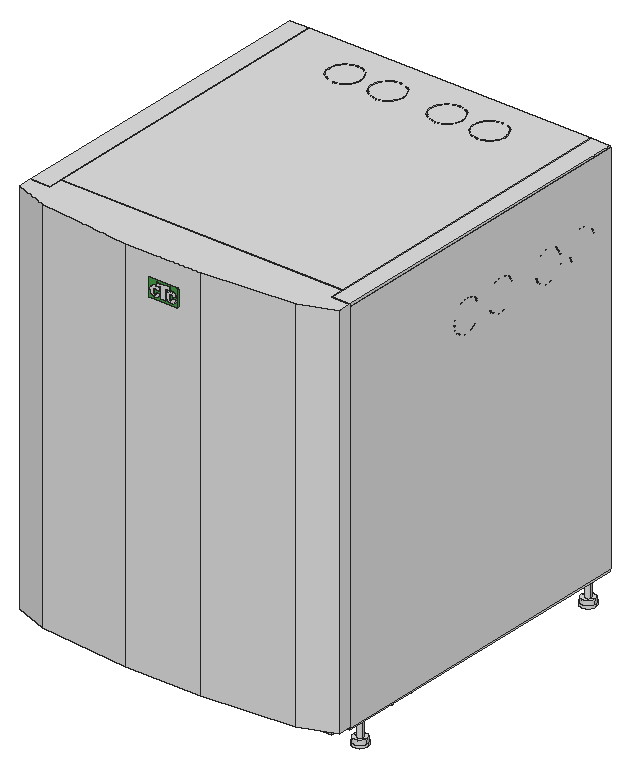
Revit family "HVAC_HeatPumpBW_Enertech_CTC-EcoPart-600M", category Specialty Equipment, Revit 2020
Family settings
  Round Connector Dimension = Use Diameter
  Part Type = Normal
  OmniClass Number = 23.75.00.00
  OmniClass Title = Climate Control (HVAC)
  Work Plane-Based = No
  Always vertical = No
  Cut with Voids When Loaded = No
  Shared = No
  Room Calculation Point = No
Parameters (values of type "CTC EcoPart 612M - 400V3N ")
  Weight = "170"
  WaterVolumeWaterSuply = "N/A"
  WaterVolumeHeathingSystem = "4.1 "
  WarrantyStartDate [instance] = "n/a"
  WarrantyGuarantorParts = "n/a"
  WarrantyGuarantorLabor = "n/a"
  WarrantyDurationUnit = "Year"
  WarrantyDurationParts = "n/a"
  WarrantyDurationLabor = "n/a"
  WarrantyDescription = "n/a"
  VersionDate = "14/05/2024"  # constant formula
  Version = "2"  # constant formula
  UsageCurrent = 0 A
  Uniclass2015Reference = "Pr_40_70_65"
  Uniclass2015Description = "Preparation catering equipment"
  Uniclass2 = "Pr_40_70_65"
  URL = "https://ctc-heating.com/products/ground-source-heating"
  UNSPSCCode = "40101806"
  Type Comments = ""
  Touchscreen = "no"
  TagNumber [instance] = "n/a"
  SustainabilityPerformance = "n/a"
  Status = "n/a"
  SpecifiedOutput_min: W35 & B 5 = 2650 W
  SpecifiedOutput_min: W35 & B 10 = 2920 W
  SpecifiedOutput_min: W35 & B 0 = 2270 W
  SpecifiedOutput_max: W35 & B 5 = 13110 W
  SpecifiedOutput_max: W35 & B 10 = 13490 W
  SpecifiedOutput_max: W35 & B 0 = 12140 W
  SoundPowerLWA = "39"
  Sound pressureLPA 5m = "N/A"
  Sound pressureLPA 1m = "34"
  Sound pressureLPA 10m = "N/A"
  Size = "673x596x775 "
  Shape = "Rectangular"
  SerialNumber [instance] = "7310 xxxx xxxx"
  SCOPWarm W55 = " 4.1"
  SCOPWarm W35 = "5.2 "
  SCOPModerate W55 = "4.1"
  SCOPModerate W35 = "5.4 "
  SCOPCold W55 = "4.3"
  SCOPCold W35 = "5.5 "
  Revision = "2"  # constant formula
  ReplacementCost = "n/a"
  RefrigerantType = "R407C "
  RefrigerantQuantity = "2.4 "
  Reference = "n/a"
  RatedVoltage = 1200 V
  RatedHeatOutputWarm Pdesigh W55 = 10000 W
  RatedHeatOutputWarm Pdesigh W35 = 8000 W
  RatedHeatOutputModerate Pdesigh W55 = 7000 W
  RatedHeatOutputModerate Pdesigh W35 = 10000 W
  RatedHeatOutputCold Pdesigh W55 = 7000 W
  RatedHeatOutputCold Pdesigh W35 = 11000 W
  RatedCurrent = 9.7 A
  PumpMainMaterial = Steel - White
  ProductInformation = "The CTC EcoPart 600M is speed-controlled, compact geothermal heat pumps without control and hot water preparation. To fit most properties, the CTC EcoPart 600M is available in two models."
  PowerFactor = 0 W
  PhaseReference = "n/a"
  PhaseAngle = 0.00°
  OutputRangeIimmersionHeater = "N/A"
  NumberOfPoles = 3
  NominalWidth = 596 mm
  NominalVoltage = 400 V
  NominalHeight = 775 mm
  NominalFrequencyRange = 50 Hz
  NominalDepth = 673 mm
  NominalCurrent = 0 A
  Name = "CTC-EcoPart-600M"  # constant formula
  NBSReference = "90-40-40/320"
  NBSDescription = "Air to water heat pumps"
  ModelReference = "n/a"
  ModelNumber = "588600001"
  MinimumCeilingHeight = "N/A"
  MaxStartingCurrent = "2.3 "
  MaxOperatingPressureThermalStore = "6"
  MaxOperatingPressureHotWater = "N/A"
  Material = "Steel"
  ManufacturerURL = "https://ctc.se/"
  ManufacturerName = "CTC AB"
  Model = "CTC EcoPart 612M"
  ManufacturerCountry = "Sweden"
  Manufacturer = "CTC AB"
  KvsValueProduct = "4.7"
  InsulationStandardClass = "n/a"
  InstallationDate [instance] = "n/a"
  InPutPower_min: W35 & B 5 = 340 W
  InPutPower_min: W35 & B 10 = 310 W
  InPutPower_min: W35 & B 0 = 330 W
  InPutPower_max: W35 & B 5 = 2340 W
  InPutPower_max: W35 & B 10 = 2340 W
  InPutPower_max: W35 & B 0 = 2420 W
  IfcExportType = "HEATER"  # constant formula
  IfcExportAs = "IfcElectricalDeviceCommon"  # constant formula
  IP_Code = "IP X1"
  HotTapWaterPerformance = "N/A"
  HasProtectiveEarth = yes
  GroupFuse = "10"
  Grade = "n/a"
  Finish = "n/a"
  Features = "n/a"
  ExpectedLife = "n/a"
  EnergyClass_HotWater_TapProfile = "N/A"
  EnergyClassHeatingWithoutControl W55 = " A+++"
  EnergyClassHeatingWithoutControl W35 = "A+++ "
  EnergyClassHeatingWithControl W55 = " A+++"
  EnergyClassHeatingWithControl W35 = "A+++ "
  ElectricalDeviceNominalPower = 0 W
  EANNumber = "7333077091736"
  DurationUnit = "Year"
  Description = "The CTC EcoPart 600M is speed-controlled, compact geothermal heat pumps without control and hot water preparation. To fit most properties, the CTC EcoPart 600M is available in two models."
  Default Elevation = 0 mm
  Cost = 0
  Constituents = "n/a"
  ConductorFunction = "n/a"
  Color = "white"
  CodePerformance = "n/a"
  Capacity = "Variable"
  COP_min: W35 & B 5 = 7.76 W
  COP_min: W35 & B 10 = 9.39 W
  COP_min: W35 & B 0 = 6.94 W
  COP_max: W35 & B 5 = 5.61 W
  COP_max: W35 & B 10 = 5.78 W
  COP_max: W35 & B 0 = 5.01 W
  CO2Equivalent = "4.258  "
  BrineSystem_Min_MaxPressure = "0.2 - 3.0 "
  Barcode [instance] = "n/a"
  AssetIdentifier [instance] = "n/a"
  Category = "Heat pumps, Geothermal"
  Brand = "CTC"
  BIMObjectName = "HVAC_HeatPumpBW_Enertech_CTC-EcoPart-600M"  # constant formula
  Author = "BIMStone"  # constant formula
  AssetType = "Fixed"
  AirFlow nominal (m3/h) = "0"
  AirFlow max (m3/h) = "0"
  AccessibilityPerformance = "n/a"
Reference planes
  plane 1 "Center (Front/Back)": y = 0
  plane 2: z = 0
  plane 3 "Center (Left/Right)": x = 0
  plane 4: z = 760
  plane 5: y = 336.5
  plane 6: y = -336.5
  plane 7: x = -300
  plane 8: x = 300
Forms (mm)
  Extrusion 1, solid, material "Steel - White" <- "PumpMainMaterial", detail levels medium+fine
    sketch origin (0, 0, 0) x (1, 0, 0) y (0, 1, 0)
      loop
        line (-298, -272.514) -> (-298, -297.436) -> (-235.78, -322.165) -> (-70, -335) -> (70, -335) -> (235.78, -322.165) -> (298, -297.436) -> (298, -272.514) -> (263, -272.514) -> (263, -246.514) -> (-263, -246.514) -> (-263, -272.514) -> (-298, -272.514)
    from 760 to 52.5
  Extrusion 2, solid, material "Steel - White" <- "PumpMainMaterial", detail levels medium+fine
    sketch origin (0, 0, 0) x (1, 0, 0) y (0, 1, 0)
      loop
        line (-263, -246.514) -> (263, -246.514) -> (263, 332.5) -> (-263, 332.5) -> (-263, -246.514)
      loop
        line (261, 330.5) -> (-261, 330.5) -> (-261, -244.514) -> (261, -244.514) -> (261, 330.5)
    from 757 to 52.5
  Extrusion 3, solid, material "Steel - White" <- "PumpMainMaterial", detail levels medium+fine
    sketch origin (0, 0, 0) x (1, 0, 0) y (0, 1, 0)
      loop
        line (-263, 332.5) -> (-263, -246.514) -> (263, -246.514) -> (263, 332.5) -> (-263, 332.5)
    from 760 to 757
  Extrusion 4, solid, material "Steel - White" <- "PumpMainMaterial", detail levels medium+fine
    sketch origin (0, 0, 0) x (1, 0, 0) y (0, 1, 0)
      loop
        line (-300, -272.514) -> (-265, -272.514) -> (-265, 332.5) -> (-300, 332.5) -> (-300, -272.514)
      loop
        line (-267, 330.5) -> (-298, 330.5) -> (-298, -270.514) -> (-267, -270.514) -> (-267, 330.5)
      loop
        line (300, -272.514) -> (300, 332.5) -> (265, 332.5) -> (265, -272.514) -> (300, -272.514)
      loop
        line (267, 330.5) -> (267, -270.514) -> (298, -270.514) -> (298, 330.5) -> (267, 330.5)
    from 52.5 to 757
  Extrusion 5, solid, material "Steel - White" <- "PumpMainMaterial", detail levels medium+fine
    sketch origin (0, 0, 0) x (1, 0, 0) y (0, 1, 0)
      loop
        line (-298, -272.514) -> (-263, -272.514) -> (-263, 332.5) -> (-298, 332.5) -> (-298, -272.514)
      loop
        line (298, -272.514) -> (298, 332.5) -> (263, 332.5) -> (263, -272.514) -> (298, -272.514)
    from 757 to 760
  Extrusion 6, solid, material "Steel - White" <- "PumpMainMaterial", detail levels medium+fine
    sketch origin (0, 0, 0) x (1, 0, 0) y (0, 0, 1)
      loop
        line (-298, 52.518) -> (-298, 47.518) -> (-263, 47.518) -> (-263, 28) -> (263, 28) -> (263, 47.518) -> (298, 47.518) -> (298, 52.518) -> (-298, 52.518)
    from -332.5 to 272.514
  Extrusion 7, void
    sketch origin (0, 0, 0) x (1, 0, 0) y (0, 1, 0)
      loop
        arc (-135.992, 287.517) -> (-156.547, 278.605) -> (-165.459, 258.05) r 30.484
        line (-165.459, 258.05) -> (-163.458, 258.05)
        arc (-163.458, 258.05) -> (-155.133, 277.191) -> (-135.992, 285.516) r 28.484
        line (-135.992, 285.516) -> (-135.992, 287.517)
      loop
        line (-133.992, 287.517) -> (-133.992, 285.516)
        arc (-133.992, 285.516) -> (-114.851, 277.191) -> (-106.526, 258.05) r 28.484
        line (-106.526, 258.05) -> (-104.525, 258.05)
        arc (-104.525, 258.05) -> (-113.437, 278.605) -> (-133.992, 287.517) r 30.484
      loop
        arc (-165.459, 256.05) -> (-156.547, 235.495) -> (-135.992, 226.583) r 30.484
        line (-135.992, 226.583) -> (-135.992, 228.584)
        arc (-135.992, 228.584) -> (-155.133, 236.909) -> (-163.458, 256.05) r 28.484
        line (-163.458, 256.05) -> (-165.459, 256.05)
      loop
        line (-133.992, 228.584) -> (-133.992, 226.583)
        arc (-133.992, 226.583) -> (-113.437, 235.495) -> (-104.525, 256.05) r 30.484
        line (-104.525, 256.05) -> (-106.526, 256.05)
        arc (-106.526, 256.05) -> (-114.851, 236.909) -> (-133.992, 228.584) r 28.484
      loop
        arc (-55.992, 287.517) -> (-76.547, 278.605) -> (-85.459, 258.05) r 30.484
        line (-85.459, 258.05) -> (-83.458, 258.05)
        arc (-83.458, 258.05) -> (-75.133, 277.191) -> (-55.992, 285.516) r 28.484
        line (-55.992, 285.516) -> (-55.992, 287.517)
      loop
        line (-53.992, 287.517) -> (-53.992, 285.516)
        arc (-53.992, 285.516) -> (-34.851, 277.191) -> (-26.526, 258.05) r 28.484
        line (-26.526, 258.05) -> (-24.525, 258.05)
        arc (-24.525, 258.05) -> (-33.437, 278.605) -> (-53.992, 287.517) r 30.484
      loop
        arc (-85.459, 256.05) -> (-76.547, 235.495) -> (-55.992, 226.583) r 30.484
        line (-55.992, 226.583) -> (-55.992, 228.584)
        arc (-55.992, 228.584) -> (-75.133, 236.909) -> (-83.458, 256.05) r 28.484
        line (-83.458, 256.05) -> (-85.459, 256.05)
      loop
        line (-53.992, 228.584) -> (-53.992, 226.583)
        arc (-53.992, 226.583) -> (-33.437, 235.495) -> (-24.525, 256.05) r 30.484
        line (-24.525, 256.05) -> (-26.526, 256.05)
        arc (-26.526, 256.05) -> (-34.851, 236.909) -> (-53.992, 228.584) r 28.484
      loop
        line (135.992, 287.517) -> (135.992, 285.516)
        arc (135.992, 285.516) -> (155.133, 277.191) -> (163.458, 258.05) r 28.484
        line (163.458, 258.05) -> (165.459, 258.05)
        arc (165.459, 258.05) -> (156.547, 278.605) -> (135.992, 287.517) r 30.484
      loop
        arc (133.992, 287.517) -> (113.437, 278.605) -> (104.525, 258.05) r 30.484
        line (104.525, 258.05) -> (106.526, 258.05)
        arc (106.526, 258.05) -> (114.851, 277.191) -> (133.992, 285.516) r 28.484
        line (133.992, 285.516) -> (133.992, 287.517)
      loop
        line (165.459, 256.05) -> (163.458, 256.05)
        arc (163.458, 256.05) -> (155.133, 236.909) -> (135.992, 228.584) r 28.484
        line (135.992, 228.584) -> (135.992, 226.583)
        arc (135.992, 226.583) -> (156.547, 235.495) -> (165.459, 256.05) r 30.484
      loop
        arc (133.992, 228.584) -> (114.851, 236.909) -> (106.526, 256.05) r 28.484
        line (106.526, 256.05) -> (104.525, 256.05)
        arc (104.525, 256.05) -> (113.437, 235.495) -> (133.992, 226.583) r 30.484
        line (133.992, 226.583) -> (133.992, 228.584)
      loop
        line (55.992, 287.517) -> (55.992, 285.516)
        arc (55.992, 285.516) -> (75.133, 277.191) -> (83.458, 258.05) r 28.484
        line (83.458, 258.05) -> (85.459, 258.05)
        arc (85.459, 258.05) -> (76.547, 278.605) -> (55.992, 287.517) r 30.484
      loop
        arc (53.992, 287.517) -> (33.437, 278.605) -> (24.525, 258.05) r 30.484
        line (24.525, 258.05) -> (26.526, 258.05)
        arc (26.526, 258.05) -> (34.851, 277.191) -> (53.992, 285.516) r 28.484
        line (53.992, 285.516) -> (53.992, 287.517)
      loop
        line (85.459, 256.05) -> (83.458, 256.05)
        arc (83.458, 256.05) -> (75.133, 236.909) -> (55.992, 228.584) r 28.484
        line (55.992, 228.584) -> (55.992, 226.583)
        arc (55.992, 226.583) -> (76.547, 235.495) -> (85.459, 256.05) r 30.484
      loop
        arc (53.992, 228.584) -> (34.851, 236.909) -> (26.526, 256.05) r 28.484
        line (26.526, 256.05) -> (24.525, 256.05)
        arc (24.525, 256.05) -> (33.437, 235.495) -> (53.992, 226.583) r 30.484
        line (53.992, 226.583) -> (53.992, 228.584)
    from 750 to 770
  Extrusion 8, void
    sketch origin (0, 0, 0) x (0, 1, 0) y (0, 0, 1)
      loop
        line (266.984, 653.467) -> (266.984, 651.466)
        arc (266.984, 651.466) -> (286.125, 643.141) -> (294.45, 624) r 28.484
        line (294.45, 624) -> (296.451, 624)
        arc (296.451, 624) -> (287.539, 644.555) -> (266.984, 653.467) r 30.484
      loop
        arc (264.984, 653.467) -> (244.428, 644.555) -> (235.516, 624) r 30.484
        line (235.516, 624) -> (237.518, 624)
        arc (237.518, 624) -> (245.843, 643.141) -> (264.984, 651.466) r 28.484
        line (264.984, 651.466) -> (264.984, 653.467)
      loop
        line (296.451, 622) -> (294.45, 622)
        arc (294.45, 622) -> (286.125, 602.859) -> (266.984, 594.534) r 28.484
        line (266.984, 594.534) -> (266.984, 592.533)
        arc (266.984, 592.533) -> (287.539, 601.445) -> (296.451, 622) r 30.484
      loop
        arc (264.984, 594.534) -> (245.843, 602.859) -> (237.518, 622) r 28.484
        line (237.518, 622) -> (235.516, 622)
        arc (235.516, 622) -> (244.428, 601.445) -> (264.984, 592.533) r 30.484
        line (264.984, 592.533) -> (264.984, 594.534)
      loop
        line (186.984, 653.467) -> (186.984, 651.466)
        arc (186.984, 651.466) -> (206.125, 643.141) -> (214.45, 624) r 28.484
        line (214.45, 624) -> (216.451, 624)
        arc (216.451, 624) -> (207.539, 644.555) -> (186.984, 653.467) r 30.484
      loop
        arc (184.984, 653.467) -> (164.428, 644.555) -> (155.516, 624) r 30.484
        line (155.516, 624) -> (157.518, 624)
        arc (157.518, 624) -> (165.843, 643.141) -> (184.984, 651.466) r 28.484
        line (184.984, 651.466) -> (184.984, 653.467)
      loop
        line (216.451, 622) -> (214.45, 622)
        arc (214.45, 622) -> (206.125, 602.859) -> (186.984, 594.534) r 28.484
        line (186.984, 594.534) -> (186.984, 592.533)
        arc (186.984, 592.533) -> (207.539, 601.445) -> (216.451, 622) r 30.484
      loop
        arc (184.984, 594.534) -> (165.843, 602.859) -> (157.518, 622) r 28.484
        line (157.518, 622) -> (155.516, 622)
        arc (155.516, 622) -> (164.428, 601.445) -> (184.984, 592.533) r 30.484
        line (184.984, 592.533) -> (184.984, 594.534)
      loop
        arc (-5, 653.467) -> (-25.555, 644.555) -> (-34.467, 624) r 30.484
        line (-34.467, 624) -> (-32.466, 624)
        arc (-32.466, 624) -> (-24.141, 643.141) -> (-5, 651.466) r 28.484
        line (-5, 651.466) -> (-5, 653.467)
      loop
        line (-3, 653.467) -> (-3, 651.466)
        arc (-3, 651.466) -> (16.141, 643.141) -> (24.466, 624) r 28.484
        line (24.466, 624) -> (26.467, 624)
        arc (26.467, 624) -> (17.555, 644.555) -> (-3, 653.467) r 30.484
      loop
        arc (-34.467, 622) -> (-25.555, 601.445) -> (-5, 592.533) r 30.484
        line (-5, 592.533) -> (-5, 594.534)
        arc (-5, 594.534) -> (-24.141, 602.859) -> (-32.466, 622) r 28.484
        line (-32.466, 622) -> (-34.467, 622)
      loop
        line (-3, 594.534) -> (-3, 592.533)
        arc (-3, 592.533) -> (17.555, 601.445) -> (26.467, 622) r 30.484
        line (26.467, 622) -> (24.466, 622)
        arc (24.466, 622) -> (16.141, 602.859) -> (-3, 594.534) r 28.484
      loop
        arc (75, 653.467) -> (54.445, 644.555) -> (45.533, 624) r 30.484
        line (45.533, 624) -> (47.534, 624)
        arc (47.534, 624) -> (55.859, 643.141) -> (75, 651.466) r 28.484
        line (75, 651.466) -> (75, 653.467)
      loop
        line (77, 653.467) -> (77, 651.466)
        arc (77, 651.466) -> (96.141, 643.141) -> (104.466, 624) r 28.484
        line (104.466, 624) -> (106.467, 624)
        arc (106.467, 624) -> (97.555, 644.555) -> (77, 653.467) r 30.484
      loop
        arc (45.533, 622) -> (54.445, 601.445) -> (75, 592.533) r 30.484
        line (75, 592.533) -> (75, 594.534)
        arc (75, 594.534) -> (55.859, 602.859) -> (47.534, 622) r 28.484
        line (47.534, 622) -> (45.533, 622)
      loop
        line (77, 594.534) -> (77, 592.533)
        arc (77, 592.533) -> (97.555, 601.445) -> (106.467, 622) r 30.484
        line (106.467, 622) -> (104.466, 622)
        arc (104.466, 622) -> (96.141, 602.859) -> (77, 594.534) r 28.484
    from 424.394 to -413.715
  Extrusion 9, void
    sketch origin (0, 0, 0) x (1, 0, 0) y (0, 0, 1)
      loop
        line (135.984, 653.167) -> (135.984, 651.166)
        arc (135.984, 651.166) -> (155.125, 642.841) -> (163.45, 623.7) r 28.484
        line (163.45, 623.7) -> (165.451, 623.7)
        arc (165.451, 623.7) -> (156.539, 644.255) -> (135.984, 653.167) r 30.484
      loop
        arc (133.984, 653.167) -> (113.428, 644.255) -> (104.516, 623.7) r 30.484
        line (104.516, 623.7) -> (106.518, 623.7)
        arc (106.518, 623.7) -> (114.843, 642.841) -> (133.984, 651.166) r 28.484
        line (133.984, 651.166) -> (133.984, 653.167)
      loop
        line (165.451, 621.7) -> (163.45, 621.7)
        arc (163.45, 621.7) -> (155.125, 602.559) -> (135.984, 594.234) r 28.484
        line (135.984, 594.234) -> (135.984, 592.233)
        arc (135.984, 592.233) -> (156.539, 601.145) -> (165.451, 621.7) r 30.484
      loop
        arc (133.984, 594.234) -> (114.843, 602.559) -> (106.518, 621.7) r 28.484
        line (106.518, 621.7) -> (104.516, 621.7)
        arc (104.516, 621.7) -> (113.428, 601.145) -> (133.984, 592.233) r 30.484
        line (133.984, 592.233) -> (133.984, 594.234)
      loop
        line (55.984, 653.167) -> (55.984, 651.166)
        arc (55.984, 651.166) -> (75.125, 642.841) -> (83.45, 623.7) r 28.484
        line (83.45, 623.7) -> (85.451, 623.7)
        arc (85.451, 623.7) -> (76.539, 644.255) -> (55.984, 653.167) r 30.484
      loop
        arc (53.984, 653.167) -> (33.428, 644.255) -> (24.516, 623.7) r 30.484
        line (24.516, 623.7) -> (26.518, 623.7)
        arc (26.518, 623.7) -> (34.843, 642.841) -> (53.984, 651.166) r 28.484
        line (53.984, 651.166) -> (53.984, 653.167)
      loop
        line (85.451, 621.7) -> (83.45, 621.7)
        arc (83.45, 621.7) -> (75.125, 602.559) -> (55.984, 594.234) r 28.484
        line (55.984, 594.234) -> (55.984, 592.233)
        arc (55.984, 592.233) -> (76.539, 601.145) -> (85.451, 621.7) r 30.484
      loop
        arc (53.984, 594.234) -> (34.843, 602.559) -> (26.518, 621.7) r 28.484
        line (26.518, 621.7) -> (24.516, 621.7)
        arc (24.516, 621.7) -> (33.428, 601.145) -> (53.984, 592.233) r 30.484
        line (53.984, 592.233) -> (53.984, 594.234)
      loop
        arc (-136, 653.167) -> (-156.555, 644.255) -> (-165.467, 623.7) r 30.484
        line (-165.467, 623.7) -> (-163.466, 623.7)
        arc (-163.466, 623.7) -> (-155.141, 642.841) -> (-136, 651.166) r 28.484
        line (-136, 651.166) -> (-136, 653.167)
      loop
        line (-134, 653.167) -> (-134, 651.166)
        arc (-134, 651.166) -> (-114.859, 642.841) -> (-106.534, 623.7) r 28.484
        line (-106.534, 623.7) -> (-104.533, 623.7)
        arc (-104.533, 623.7) -> (-113.445, 644.255) -> (-134, 653.167) r 30.484
      loop
        arc (-165.467, 621.7) -> (-156.555, 601.145) -> (-136, 592.233) r 30.484
        line (-136, 592.233) -> (-136, 594.234)
        arc (-136, 594.234) -> (-155.141, 602.559) -> (-163.466, 621.7) r 28.484
        line (-163.466, 621.7) -> (-165.467, 621.7)
      loop
        line (-134, 594.234) -> (-134, 592.233)
        arc (-134, 592.233) -> (-113.445, 601.145) -> (-104.533, 621.7) r 30.484
        line (-104.533, 621.7) -> (-106.534, 621.7)
        arc (-106.534, 621.7) -> (-114.859, 602.559) -> (-134, 594.234) r 28.484
      loop
        arc (-56, 653.167) -> (-76.555, 644.255) -> (-85.467, 623.7) r 30.484
        line (-85.467, 623.7) -> (-83.466, 623.7)
        arc (-83.466, 623.7) -> (-75.141, 642.841) -> (-56, 651.166) r 28.484
        line (-56, 651.166) -> (-56, 653.167)
      loop
        line (-54, 653.167) -> (-54, 651.166)
        arc (-54, 651.166) -> (-34.859, 642.841) -> (-26.534, 623.7) r 28.484
        line (-26.534, 623.7) -> (-24.533, 623.7)
        arc (-24.533, 623.7) -> (-33.445, 644.255) -> (-54, 653.167) r 30.484
      loop
        arc (-85.467, 621.7) -> (-76.555, 601.145) -> (-56, 592.233) r 30.484
        line (-56, 592.233) -> (-56, 594.234)
        arc (-56, 594.234) -> (-75.141, 602.559) -> (-83.466, 621.7) r 28.484
        line (-83.466, 621.7) -> (-85.467, 621.7)
      loop
        line (-54, 594.234) -> (-54, 592.233)
        arc (-54, 592.233) -> (-33.445, 601.145) -> (-24.533, 621.7) r 30.484
        line (-24.533, 621.7) -> (-26.534, 621.7)
        arc (-26.534, 621.7) -> (-34.859, 602.559) -> (-54, 594.234) r 28.484
    from -303.059 to -336
  Extrusion 10, solid, material "Steel - White" <- "PumpMainMaterial", detail levels medium+fine
    sketch origin (-2, -3.5, 0) x (1, 0, 0) y (0, 0, 1)
      loop
        circle (-280.5, 727) r 14
      loop
        circle (-280.5, 727) r 12.4
      loop
        circle (284.5, 727) r 14
      loop
        circle (284.5, 727) r 12.4
    from -336 to -340
  Extrusion 11, solid, material "Steel - White" <- "PumpMainMaterial", detail levels medium+fine
    sketch origin (0, 0, 0) x (0, 1, 0) y (0, 0, 1)
      loop
        line (-117.429, 26) -> (-99.086, 26)
        arc (-99.086, 26) -> (-98.32, 25.848) -> (-97.671, 25.414) r 2
        line (-97.671, 25.414) -> (-89.085, 16.828)
        arc (-89.085, 16.828) -> (-86.256, 15.656) -> (-83.428, 16.828) r 4
        line (-83.428, 16.828) -> (-75.261, 24.995) -> (-76.675, 26.409) -> (-84.842, 18.242)
        arc (-84.842, 18.242) -> (-86.256, 17.656) -> (-87.671, 18.242) r 2
        line (-87.671, 18.242) -> (-96.257, 26.828)
        arc (-96.257, 26.828) -> (-97.555, 27.696) -> (-99.086, 28) r 4
        line (-99.086, 28) -> (-117.429, 28)
        arc (-117.429, 28) -> (-118.96, 27.696) -> (-120.257, 26.828) r 4
        line (-120.257, 26.828) -> (-128.844, 18.242)
        arc (-128.844, 18.242) -> (-130.258, 17.656) -> (-131.672, 18.242) r 2
        line (-131.672, 18.242) -> (-139.839, 26.409) -> (-141.253, 24.995) -> (-133.086, 16.828)
        arc (-133.086, 16.828) -> (-130.258, 15.656) -> (-127.429, 16.828) r 4
        line (-127.429, 16.828) -> (-118.843, 25.414)
        arc (-118.843, 25.414) -> (-118.194, 25.848) -> (-117.429, 26) r 2
      loop
        arc (180.914, 26) -> (181.68, 25.848) -> (182.329, 25.414) r 2
        line (182.329, 25.414) -> (190.915, 16.828)
        arc (190.915, 16.828) -> (193.744, 15.656) -> (196.572, 16.828) r 4
        line (196.572, 16.828) -> (204.739, 24.995) -> (203.325, 26.409) -> (195.158, 18.242)
        arc (195.158, 18.242) -> (193.744, 17.656) -> (192.329, 18.242) r 2
        line (192.329, 18.242) -> (183.743, 26.828)
        arc (183.743, 26.828) -> (182.445, 27.696) -> (180.914, 28) r 4
        line (180.914, 28) -> (162.571, 28)
        arc (162.571, 28) -> (161.04, 27.696) -> (159.743, 26.828) r 4
        line (159.743, 26.828) -> (151.156, 18.242)
        arc (151.156, 18.242) -> (149.742, 17.656) -> (148.328, 18.242) r 2
        line (148.328, 18.242) -> (140.161, 26.409) -> (138.747, 24.995) -> (146.914, 16.828)
        arc (146.914, 16.828) -> (149.742, 15.656) -> (152.571, 16.828) r 4
        line (152.571, 16.828) -> (161.157, 25.414)
        arc (161.157, 25.414) -> (161.806, 25.848) -> (162.571, 26) r 2
        line (162.571, 26) -> (180.914, 26)
    from 263 to -263
  Revolve 12, solid, material "Steel - White" <- "PumpMainMaterial", detail levels medium+fine
    sketch origin (-2, 303.895, 0) x (1, 0, 0) y (0, 0, 1)
      loop
        line (-279.5, 12) -> (-279.5, 0) -> (-265.125, 0) -> (-265.125, 4) -> (-267.125, 4) -> (-267.125, 12) -> (-279.5, 12)
      axis (-279.5, 12) -> (-279.5, 0)
    angle from 0 to 360
  Revolve 13, solid, material "Steel - White" <- "PumpMainMaterial", detail levels medium+fine
    sketch origin (2, 303.895, 0) x (-1, 0, 0) y (0, 0, 1)
      loop
        line (-279.5, 12) -> (-279.5, 0) -> (-265.125, 0) -> (-265.125, 4) -> (-267.125, 4) -> (-267.125, 12) -> (-279.5, 12)
      axis (-279.5, 12) -> (-279.5, 0)
    angle from 0 to 360
  Revolve 14, solid, material "Steel - White" <- "PumpMainMaterial", detail levels medium+fine
    sketch origin (-2, -228.139, 0) x (1, 0, 0) y (0, 0, 1)
      loop
        line (-279.5, 12) -> (-279.5, 0) -> (-265.125, 0) -> (-265.125, 4) -> (-267.125, 4) -> (-267.125, 12) -> (-279.5, 12)
      axis (-279.5, 12) -> (-279.5, 0)
    angle from 0 to 360
  Revolve 15, solid, material "Steel - White" <- "PumpMainMaterial", detail levels medium+fine
    sketch origin (2, -228.139, 0) x (-1, 0, 0) y (0, 0, 1)
      loop
        line (-279.5, 12) -> (-279.5, 0) -> (-265.125, 0) -> (-265.125, 4) -> (-267.125, 4) -> (-267.125, 12) -> (-279.5, 12)
      axis (-279.5, 12) -> (-279.5, 0)
    angle from 0 to 360
  Extrusion 16, solid, material "Steel - White" <- "PumpMainMaterial", detail levels medium+fine
    sketch origin (0, 0, 0) x (1, 0, 0) y (0, 1, 0)
      loop
        circle (-281.5, 303.895) r 5
      loop
        circle (-281.5, -228.139) r 5
      loop
        circle (281.5, 303.895) r 5
      loop
        circle (281.5, -228.139) r 5
    from 47.518 to 12
  Extrusion 17, solid, material "Green", detail levels medium+fine
    sketch origin (0, 0, 33) x (1, 0, 0) y (0, 0, 1)
      loop
        arc (-25.5, 686.518) -> (-26.914, 685.932) -> (-27.5, 684.518) r 2
        line (-27.5, 684.518) -> (-27.5, 655.518)
        arc (-27.5, 655.518) -> (-26.914, 654.103) -> (-25.5, 653.518) r 2
        line (-25.5, 653.518) -> (25.5, 653.518)
        arc (25.5, 653.518) -> (26.914, 654.103) -> (27.5, 655.518) r 2
        line (27.5, 655.518) -> (27.5, 684.518)
        arc (27.5, 684.518) -> (26.914, 685.932) -> (25.5, 686.518) r 2
        line (25.5, 686.518) -> (-25.5, 686.518)
    from 335.5 to 335
  Extrusion 18, solid, material "Steel - White" <- "PumpMainMaterial", detail levels medium+fine
    sketch origin (0, 0, 0) x (1, 0, 0) y (0, 0, 1)
      loop
        line (3.815, 710.351) -> (11.698, 710.357) -> (11.698, 715.677) -> (-11.698, 715.677) -> (-11.698, 710.336) -> (-3.818, 710.344) -> (-3.81, 690.398) -> (3.815, 690.398) -> (3.815, 710.351)
      loop
        spline (24.54, 702.497) -> (22.341, 706.572) -> (18.495, 709.152) -> (13.888, 709.644) -> (9.584, 707.934) -> (6.572, 704.417) -> (5.548, 699.902) -> (6.747, 695.43) -> (9.893, 692.032) -> (14.261, 690.49) -> (18.844, 691.161) -> (22.587, 693.888) -> (24.627, 698.045)
        line (24.627, 698.045) -> (18.433, 698.045)
        spline (18.433, 698.045) -> (17.635, 695.915) -> (16.341, 694.569) -> (14.815, 694.279) -> (13.364, 695.105) -> (12.285, 696.88) -> (11.795, 699.242) -> (11.994, 701.714) -> (12.842, 703.793) -> (14.166, 705.058) -> (15.698, 705.253) -> (17.128, 704.337) -> (18.165, 702.497)
        line (18.165, 702.497) -> (24.54, 702.497)
      loop
        spline (-5.46, 702.497) -> (-7.659, 706.572) -> (-11.505, 709.152) -> (-16.112, 709.644) -> (-20.416, 707.934) -> (-23.428, 704.417) -> (-24.452, 699.902) -> (-23.253, 695.43) -> (-20.107, 692.032) -> (-15.739, 690.49) -> (-11.156, 691.161) -> (-7.413, 693.888) -> (-5.373, 698.045)
        line (-5.373, 698.045) -> (-11.567, 698.045)
        spline (-11.567, 698.045) -> (-12.365, 695.915) -> (-13.659, 694.569) -> (-15.185, 694.279) -> (-16.636, 695.105) -> (-17.715, 696.88) -> (-18.205, 699.242) -> (-18.006, 701.714) -> (-17.158, 703.793) -> (-15.834, 705.058) -> (-14.302, 705.253) -> (-12.872, 704.337) -> (-11.835, 702.497)
        line (-11.835, 702.497) -> (-5.46, 702.497)
    from 336 to 335.5
  Extrusion 19, solid, material "Steel - White" <- "PumpMainMaterial", detail levels coarse
    sketch origin (0, 0, 0) x (1, 0, 0) y (0, 1, 0)
      loop
        line (-300, -336) -> (300, -336) -> (300, 336.5) -> (-300, 336.5) -> (-300, -336)
    from 760 to 0
  Extrusion 20, solid, detail levels medium+fine
    sketch origin (0, 0, 257) x (1, 0, 0) y (0, 1, 0)
      loop
        circle (-134.992, 257.05) r 28.484
      loop
        circle (-54.992, 257.05) r 28.484
      loop
        circle (54.992, 257.05) r 28.484
      loop
        circle (134.992, 257.05) r 28.484
    from 499 to 500
  Extrusion 21, solid, detail levels medium+fine
    sketch origin (0, -2, 0) x (1, 0, 0) y (0, 0, 1)
      loop
        circle (134.984, 622.7) r 28.484
      loop
        circle (54.984, 622.7) r 28.484
      loop
        circle (-55, 622.7) r 28.484
      loop
        circle (-135, 622.7) r 28.484
    from -331.5 to -332.5
  Extrusion 22, solid, detail levels fine
    sketch origin (0, 0, 0) x (0, 1, 0) y (0, 0, 1)
      loop
        circle (265.984, 623) r 28.484
      loop
        circle (185.984, 623) r 28.484
      loop
        circle (76, 623) r 28.484
      loop
        circle (-4, 623) r 28.484
    from -297 to -298
  Extrusion 23, solid, detail levels fine
    sketch origin (0, 0, 0) x (0, 1, 0) y (0, 0, -1)
      loop
        circle (265.984, -623) r 28.484
      loop
        circle (185.984, -623) r 28.484
      loop
        circle (76, -623) r 28.484
      loop
        circle (-4, -623) r 28.484
    from -297 to -298
Cuts and joins
  Extrusion 8 cuts Extrusion 4
  Extrusion 8 cuts Extrusion 5
  joined: Extrusion 4, Extrusion 5
  Extrusion 7, Extrusion 8, Extrusion 9 cuts Extrusion 2
  Extrusion 7, Extrusion 8, Extrusion 9 cuts Extrusion 3
  joined: Extrusion 2, Extrusion 3
  Extrusion 9 cuts Extrusion 1
Lines and regions (mm)
  symbolic lines, detail levels medium+fine
    curve 1: line (-296.5, 332.5, 0) -> (-296.5, 336.5, 0)
    curve 2: line (-296.5, 336.5, 0) -> (-268.5, 336.5, 0)
    curve 3: line (-268.5, 336.5, 0) -> (-268.5, 332.5, 0)
    curve 4: line (296.5, 332.5, 0) -> (296.5, 336.5, 0)
    curve 5: line (296.5, 336.5, 0) -> (268.5, 336.5, 0)
    curve 6: line (268.5, 336.5, 0) -> (268.5, 332.5, 0)
    curve 7: line (300, 332.5, 0) -> (296.5, 332.5, 0)
    curve 8: line (268.5, 332.5, 0) -> (-268.5, 332.5, 0)
    curve 9: line (-296.5, 332.5, 0) -> (-300, 332.5, 0)
    curve 10: line (-300, 332.5, 0) -> (-300, -297.436, 0)
    curve 11: line (-300, -297.436, 0) -> (-238.264, -321.973, 0)
    curve 12: line (-238.264, -321.973, 0) -> (-57.083, -336, 0)
    curve 13: line (57.083, -336, 0) -> (238.264, -321.973, 0)
    curve 14: line (238.264, -321.973, 0) -> (300, -297.436, 0)
    curve 15: line (300, -297.436, 0) -> (300, 332.5, 0)
    curve 16: line (-57.083, -336, 0) -> (57.083, -336, 0)
    curve 88: line (300, 0, 760) -> (-300, 0, 760)
    curve 89: line (-300, 0, 760) -> (-300, 0, 47.518)
    curve 90: line (-300, 0, 47.518) -> (-284.5, 0, 47.518)
    curve 91: line (-284.5, 0, 47.518) -> (-284.5, 0, 12)
    curve 92: line (-284.5, 0, 12) -> (-291.875, 0, 12)
    curve 93: line (-291.875, 0, 12) -> (-291.875, 0, 4)
    curve 95: line (-293.875, 0, 4) -> (-293.875, 0, 0)
    curve 96: line (-293.875, 0, 0) -> (-265.125, 0, 0)
    curve 97: line (-265.125, 0, 0) -> (-265.125, 0, 4)
    curve 99: line (-267.125, 0, 4) -> (-267.125, 0, 12)
    curve 100: line (-267.125, 0, 12) -> (-274.5, 0, 12)
    curve 101: line (-274.5, 0, 12) -> (-274.5, 0, 47.518)
    curve 102: line (-274.5, 0, 47.518) -> (-263, 0, 47.518)
    curve 103: line (-263, 0, 47.518) -> (-263, 0, 28)
    curve 104: line (-263, 0, 28) -> (-255.5, 0, 28)
    curve 105: line (-255.5, 0, 28) -> (-255.5, 0, 15.656)
    curve 106: line (-255.5, 0, 15.656) -> (255.5, 0, 15.656)
    curve 107: line (255.5, 0, 15.656) -> (255.5, 0, 28)
    curve 108: line (255.5, 0, 28) -> (263, 0, 28)
    curve 109: line (263, 0, 28) -> (263, 0, 47.518)
    curve 110: line (263, 0, 47.518) -> (274.5, 0, 47.518)
    curve 111: line (274.5, 0, 47.518) -> (274.5, 0, 12)
    curve 112: line (274.5, 0, 12) -> (267.125, 0, 12)
    curve 113: line (267.125, 0, 12) -> (267.125, 0, 4)
    curve 114: line (267.125, 0, 4) -> (265.125, 0, 4)
    curve 115: line (265.125, 0, 4) -> (265.125, 0, 0)
    curve 116: line (265.125, 0, 0) -> (293.875, 0, 0)
    curve 117: line (293.875, 0, 0) -> (293.875, 0, 4)
    curve 118: line (293.875, 0, 4) -> (291.875, 0, 4)
    curve 119: line (291.875, 0, 4) -> (291.875, 0, 12)
    curve 120: line (291.875, 0, 12) -> (284.5, 0, 12)
    curve 121: line (284.5, 0, 12) -> (284.5, 0, 47.518)
    curve 122: line (284.5, 0, 47.518) -> (300, 0, 47.518)
    curve 123: line (300, 0, 47.518) -> (300, 0, 760)
    curve 162: line (0, 305.395, 12) -> (0, 305.395, 28)
    curve 163: line (0, 305.395, 28) -> (0, 332.5, 28)
    curve 164: line (0, 305.395, 12) -> (0, 312.77, 12)
    curve 165: line (0, 312.77, 12) -> (0, 312.77, 4)
    curve 166: line (0, 312.77, 4) -> (0, 314.77, 4)
    curve 167: line (0, 314.77, 4) -> (0, 314.77, 0)
    curve 168: line (0, 314.77, 0) -> (0, 286.02, 0)
    curve 169: line (0, 286.02, 0) -> (0, 286.02, 4)
    curve 170: line (0, 286.02, 4) -> (0, 288.02, 4)
    curve 171: line (0, 288.02, 4) -> (0, 288.02, 12)
    curve 172: line (0, 288.02, 12) -> (0, 295.395, 12)
    curve 173: line (0, 295.395, 12) -> (0, 295.395, 28)
    curve 174: line (0, -223.139, 12) -> (0, -223.139, 28)
    curve 175: line (0, -223.139, 28) -> (0, 295.395, 28)
    curve 176: line (0, -223.139, 12) -> (0, -215.764, 12)
    curve 177: line (0, -215.764, 12) -> (0, -215.764, 4)
    curve 178: line (0, -215.764, 4) -> (0, -213.764, 4)
    curve 179: line (0, -213.764, 4) -> (0, -213.764, 0)
    curve 180: line (0, -213.764, 0) -> (0, -242.514, 0)
    curve 181: line (0, -242.514, 0) -> (0, -242.514, 4)
    curve 182: line (0, -242.514, 4) -> (0, -240.514, 4)
    curve 183: line (0, -240.514, 4) -> (0, -240.514, 12)
    curve 184: line (0, -240.514, 12) -> (0, -233.139, 12)
    curve 185: line (0, -233.139, 12) -> (0, -233.139, 28)
    curve 186: line (0, -233.139, 28) -> (0, -272.514, 28)
    curve 187: line (0, -272.514, 28) -> (0, -272.514, 52.5)
    curve 188: line (0, -272.514, 52.5) -> (0, -336, 52.5)
    curve 189: line (0, -336, 52.5) -> (0, -336, 760)
    curve 191: line (0, 332.5, 760) -> (0, 332.5, 741)
    curve 192: line (0, 332.5, 741) -> (0, 336.5, 741)
    curve 193: line (0, 336.5, 741) -> (0, 336.5, 713)
    curve 194: line (0, 336.5, 713) -> (0, 332.5, 713)
    curve 195: line (0, 332.5, 713) -> (0, 332.5, 28)
  symbolic lines, detail levels fine
    curve 17: line (-300, -272.514, 0) -> (-265, -272.514, 0)
    curve 18: line (-265, -272.514, 0) -> (-265, 332.5, 0)
    curve 19: line (-268.5, 332.5, 0) -> (-296.5, 332.5, 0)
    curve 20: line (268.5, 332.5, 0) -> (296.5, 332.5, 0)
    curve 21: line (265, 332.5, 0) -> (265, -272.514, 0)
    curve 22: line (265, -272.514, 0) -> (300, -272.514, 0)
    curve 23: line (265, -246.514, 0) -> (-265, -246.514, 0)
    curve 24: arc (-135.992, 287.517, 0) -> (-156.547, 278.605, 0) -> (-165.459, 258.05, 0) r 30.484
    curve 25: arc (-163.458, 258.05, 0) -> (-155.133, 277.191, 0) -> (-135.992, 285.516, 0) r 28.484
    curve 26: arc (-133.992, 285.516, 0) -> (-114.851, 277.191, 0) -> (-106.526, 258.05, 0) r 28.484
    curve 27: arc (-104.525, 258.05, 0) -> (-113.437, 278.605, 0) -> (-133.992, 287.517, 0) r 30.484
    curve 28: arc (-133.992, 226.583, 0) -> (-113.437, 235.495, 0) -> (-104.525, 256.05, 0) r 30.484
    curve 29: arc (-106.526, 256.05, 0) -> (-114.851, 236.909, 0) -> (-133.992, 228.584, 0) r 28.484
    curve 30: arc (-165.459, 256.05, 0) -> (-156.547, 235.495, 0) -> (-135.992, 226.583, 0) r 30.484
    curve 31: arc (-135.992, 228.584, 0) -> (-155.133, 236.909, 0) -> (-163.458, 256.05, 0) r 28.484
    curve 32: line (-133.992, 228.584, 0) -> (-133.992, 226.583, 0)
    curve 33: line (-135.992, 226.583, 0) -> (-135.992, 228.584, 0)
    curve 34: line (-163.458, 256.05, 0) -> (-165.459, 256.05, 0)
    curve 35: line (-165.459, 258.05, 0) -> (-163.458, 258.05, 0)
    curve 36: line (-135.992, 285.516, 0) -> (-135.992, 287.517, 0)
    curve 37: line (-133.992, 287.517, 0) -> (-133.992, 285.516, 0)
    curve 38: line (-106.526, 258.05, 0) -> (-104.525, 258.05, 0)
    curve 39: line (-104.525, 256.05, 0) -> (-106.526, 256.05, 0)
    curve 40: arc (-55.992, 287.517, 0) -> (-76.547, 278.605, 0) -> (-85.459, 258.05, 0) r 30.484
    curve 41: arc (-83.458, 258.05, 0) -> (-75.133, 277.191, 0) -> (-55.992, 285.516, 0) r 28.484
    curve 42: arc (-53.992, 285.516, 0) -> (-34.851, 277.191, 0) -> (-26.526, 258.05, 0) r 28.484
    curve 43: arc (-24.525, 258.05, 0) -> (-33.437, 278.605, 0) -> (-53.992, 287.517, 0) r 30.484
    curve 44: arc (-53.992, 226.583, 0) -> (-33.437, 235.495, 0) -> (-24.525, 256.05, 0) r 30.484
    curve 45: arc (-26.526, 256.05, 0) -> (-34.851, 236.909, 0) -> (-53.992, 228.584, 0) r 28.484
    curve 46: arc (-85.459, 256.05, 0) -> (-76.547, 235.495, 0) -> (-55.992, 226.583, 0) r 30.484
    curve 47: arc (-55.992, 228.584, 0) -> (-75.133, 236.909, 0) -> (-83.458, 256.05, 0) r 28.484
    curve 48: line (-53.992, 228.584, 0) -> (-53.992, 226.583, 0)
    curve 49: line (-55.992, 226.583, 0) -> (-55.992, 228.584, 0)
    curve 50: line (-83.458, 256.05, 0) -> (-85.459, 256.05, 0)
    curve 51: line (-85.459, 258.05, 0) -> (-83.458, 258.05, 0)
    curve 52: line (-55.992, 285.516, 0) -> (-55.992, 287.517, 0)
    curve 53: line (-53.992, 287.517, 0) -> (-53.992, 285.516, 0)
    curve 54: line (-26.526, 258.05, 0) -> (-24.525, 258.05, 0)
    curve 55: line (-24.525, 256.05, 0) -> (-26.526, 256.05, 0)
    curve 56: arc (135.992, 287.517, 0) -> (156.547, 278.605, 0) -> (165.459, 258.05, 0) r 30.484
    curve 57: arc (163.458, 258.05, 0) -> (155.133, 277.191, 0) -> (135.992, 285.516, 0) r 28.484
    curve 58: arc (133.992, 285.516, 0) -> (114.851, 277.191, 0) -> (106.526, 258.05, 0) r 28.484
    curve 59: arc (104.525, 258.05, 0) -> (113.437, 278.605, 0) -> (133.992, 287.517, 0) r 30.484
    curve 60: arc (133.992, 226.583, 0) -> (113.437, 235.495, 0) -> (104.525, 256.05, 0) r 30.484
    curve 61: arc (106.526, 256.05, 0) -> (114.851, 236.909, 0) -> (133.992, 228.584, 0) r 28.484
    curve 62: arc (165.459, 256.05, 0) -> (156.547, 235.495, 0) -> (135.992, 226.583, 0) r 30.484
    curve 63: arc (135.992, 228.584, 0) -> (155.133, 236.909, 0) -> (163.458, 256.05, 0) r 28.484
    curve 64: line (133.992, 228.584, 0) -> (133.992, 226.583, 0)
    curve 65: line (135.992, 226.583, 0) -> (135.992, 228.584, 0)
    curve 66: line (163.458, 256.05, 0) -> (165.459, 256.05, 0)
    curve 67: line (165.459, 258.05, 0) -> (163.458, 258.05, 0)
    curve 68: line (135.992, 285.516, 0) -> (135.992, 287.517, 0)
    curve 69: line (133.992, 287.517, 0) -> (133.992, 285.516, 0)
    curve 70: line (106.526, 258.05, 0) -> (104.525, 258.05, 0)
    curve 71: line (104.525, 256.05, 0) -> (106.526, 256.05, 0)
    curve 72: arc (55.992, 287.517, 0) -> (76.547, 278.605, 0) -> (85.459, 258.05, 0) r 30.484
    curve 73: arc (83.458, 258.05, 0) -> (75.133, 277.191, 0) -> (55.992, 285.516, 0) r 28.484
    curve 74: arc (53.992, 285.516, 0) -> (34.851, 277.191, 0) -> (26.526, 258.05, 0) r 28.484
    curve 75: arc (24.525, 258.05, 0) -> (33.437, 278.605, 0) -> (53.992, 287.517, 0) r 30.484
    curve 76: arc (53.992, 226.583, 0) -> (33.437, 235.495, 0) -> (24.525, 256.05, 0) r 30.484
    curve 77: arc (26.526, 256.05, 0) -> (34.851, 236.909, 0) -> (53.992, 228.584, 0) r 28.484
    curve 78: arc (85.459, 256.05, 0) -> (76.547, 235.495, 0) -> (55.992, 226.583, 0) r 30.484
    curve 79: arc (55.992, 228.584, 0) -> (75.133, 236.909, 0) -> (83.458, 256.05, 0) r 28.484
    curve 80: line (53.992, 228.584, 0) -> (53.992, 226.583, 0)
    curve 81: line (55.992, 226.583, 0) -> (55.992, 228.584, 0)
    curve 82: line (83.458, 256.05, 0) -> (85.459, 256.05, 0)
    curve 83: line (85.459, 258.05, 0) -> (83.458, 258.05, 0)
    curve 84: line (55.992, 285.516, 0) -> (55.992, 287.517, 0)
    curve 85: line (53.992, 287.517, 0) -> (53.992, 285.516, 0)
    curve 86: line (26.526, 258.05, 0) -> (24.525, 258.05, 0)
    curve 87: line (24.525, 256.05, 0) -> (26.526, 256.05, 0)
    curve 94: line (-291.875, 0, 4) -> (-293.875, 0, 4)
    curve 98: line (-265.125, 0, 4) -> (-267.125, 0, 4)
    curve 124: line (235.78, 0, 760) -> (235.78, 0, 52.518)
    curve 125: line (70, 0, 760) -> (70, 0, 52.518)
    curve 126: line (-70, 0, 760) -> (-70, 0, 52.518)
    curve 127: line (-235.78, 0, 760) -> (-235.78, 0, 52.518)
    curve 128: line (-300, 0, 52.518) -> (300, 0, 52.518)
    curve 129: line (25.5, 0, 719.518) -> (-25.5, 0, 719.518)
    curve 130: arc (27.5, 0, 717.518) -> (26.914, 0, 718.932) -> (25.5, 0, 719.518) r 2
    curve 131: line (27.5, 0, 688.518) -> (27.5, 0, 717.518)
    curve 132: arc (25.5, 0, 686.518) -> (26.914, 0, 687.103) -> (27.5, 0, 688.518) r 2
    curve 133: line (-25.5, 0, 686.518) -> (25.5, 0, 686.518)
    curve 134: arc (-27.5, 0, 688.518) -> (-26.914, 0, 687.103) -> (-25.5, 0, 686.518) r 2
    curve 135: line (-27.5, 0, 717.518) -> (-27.5, 0, 688.518)
    curve 136: arc (-25.5, 0, 719.518) -> (-26.914, 0, 718.932) -> (-27.5, 0, 717.518) r 2
    curve 137: spline (-5.46, 0, 702.497) -> (-7.659, 0, 706.572) -> (-11.505, 0, 709.152) -> (-16.112, 0, 709.644) -> (-20.416, 0, 707.934) -> (-23.428, 0, 704.417) -> (-24.452, 0, 699.902) -> (-23.253, 0, 695.43) -> (-20.107, 0, 692.032) -> (-15.739, 0, 690.49) -> (-11.156, 0, 691.161) -> (-7.413, 0, 693.888) -> (-5.373, 0, 698.045)
    curve 138: spline (-11.567, 0, 698.045) -> (-12.365, 0, 695.915) -> (-13.659, 0, 694.569) -> (-15.185, 0, 694.279) -> (-16.636, 0, 695.105) -> (-17.715, 0, 696.88) -> (-18.205, 0, 699.242) -> (-18.006, 0, 701.714) -> (-17.158, 0, 703.793) -> (-15.834, 0, 705.058) -> (-14.302, 0, 705.253) -> (-12.872, 0, 704.337) -> (-11.835, 0, 702.497)
    curve 139: line (-11.835, 0, 702.497) -> (-5.46, 0, 702.497)
    curve 140: line (-5.373, 0, 698.045) -> (-11.567, 0, 698.045)
    curve 141: line (-11.698, 0, 710.336) -> (-3.818, 0, 710.344)
    curve 142: line (-11.698, 0, 715.677) -> (-11.698, 0, 710.336)
    curve 143: line (11.698, 0, 715.677) -> (-11.698, 0, 715.677)
    curve 144: line (11.698, 0, 710.357) -> (11.698, 0, 715.677)
    curve 145: line (3.815, 0, 710.351) -> (11.698, 0, 710.357)
    curve 146: line (3.815, 0, 690.398) -> (3.815, 0, 710.351)
    curve 147: line (-3.818, 0, 710.344) -> (-3.81, 0, 690.398)
    curve 148: line (-3.81, 0, 690.398) -> (3.815, 0, 690.398)
    curve 149: spline (24.54, 0, 702.497) -> (22.341, 0, 706.572) -> (18.495, 0, 709.152) -> (13.888, 0, 709.644) -> (9.584, 0, 707.934) -> (6.572, 0, 704.417) -> (5.548, 0, 699.902) -> (6.747, 0, 695.43) -> (9.893, 0, 692.032) -> (14.261, 0, 690.49) -> (18.844, 0, 691.161) -> (22.587, 0, 693.888) -> (24.627, 0, 698.045)
    curve 150: spline (18.433, 0, 698.045) -> (17.635, 0, 695.915) -> (16.341, 0, 694.569) -> (14.815, 0, 694.279) -> (13.364, 0, 695.105) -> (12.285, 0, 696.88) -> (11.795, 0, 699.242) -> (11.994, 0, 701.714) -> (12.842, 0, 703.793) -> (14.166, 0, 705.058) -> (15.698, 0, 705.253) -> (17.128, 0, 704.337) -> (18.165, 0, 702.497)
    curve 151: line (18.165, 0, 702.497) -> (24.54, 0, 702.497)
    curve 152: line (24.627, 0, 698.045) -> (18.433, 0, 698.045)
    curve 153: line (-284.5, 0, 47.518) -> (-274.5, 0, 47.518)
    curve 154: line (-284.5, 0, 12) -> (-274.5, 0, 12)
    curve 155: line (-291.875, 0, 4) -> (-267.125, 0, 4)
    curve 156: line (274.5, 0, 47.518) -> (284.5, 0, 47.518)
    curve 157: line (274.5, 0, 12) -> (284.5, 0, 12)
    curve 158: line (267.125, 0, 4) -> (291.875, 0, 4)
    curve 159: line (255.5, 0, 28) -> (-255.5, 0, 28)
    curve 160: line (-255.5, 0, 26.409) -> (255.5, 0, 26.409)
    curve 161: line (255.5, 0, 24.995) -> (-255.5, 0, 24.995)
    curve 196: line (0, 332.5, 741) -> (0, 332.5, 713)
    curve 197: line (0, 305.395, 12) -> (0, 295.395, 12)
    curve 198: line (0, 312.77, 4) -> (0, 288.02, 4)
    curve 199: line (0, 305.395, 28) -> (0, 305.395, 47.518)
    curve 200: line (0, 295.395, 28) -> (0, 295.395, 47.518)
    curve 201: line (0, 332.5, 47.518) -> (0, -272.514, 47.518)
    curve 202: line (0, -272.514, 52.5) -> (0, 332.5, 52.5)
    curve 203: line (0, -223.139, 28) -> (0, -223.139, 47.518)
    curve 204: line (0, -233.139, 28) -> (0, -233.139, 47.518)
    curve 205: line (0, -223.139, 12) -> (0, -233.139, 12)
    curve 206: line (0, -215.764, 4) -> (0, -240.514, 4)
    curve 207: line (0, -127.429, 16.828) -> (0, -118.843, 25.414)
    curve 208: arc (0, -133.086, 16.828) -> (0, -130.258, 15.656) -> (0, -127.429, 16.828) r 4
    curve 209: line (0, -141.253, 24.995) -> (0, -133.086, 16.828)
    curve 210: line (0, -139.839, 26.409) -> (0, -141.253, 24.995)
    curve 211: line (0, -131.672, 18.242) -> (0, -139.839, 26.409)
    curve 212: arc (0, -128.844, 18.242) -> (0, -130.258, 17.656) -> (0, -131.672, 18.242) r 2
    curve 213: line (0, -120.257, 26.828) -> (0, -128.844, 18.242)
    curve 214: arc (0, -117.429, 28) -> (0, -118.96, 27.696) -> (0, -120.257, 26.828) r 4
    curve 215: arc (0, -118.843, 25.414) -> (0, -118.194, 25.848) -> (0, -117.429, 26) r 2
    curve 216: line (0, -117.429, 26) -> (0, -99.086, 26)
    curve 217: arc (0, -96.257, 26.828) -> (0, -97.555, 27.696) -> (0, -99.086, 28) r 4
    curve 218: arc (0, -99.086, 26) -> (0, -98.32, 25.848) -> (0, -97.671, 25.414) r 2
    curve 219: line (0, -97.671, 25.414) -> (0, -89.085, 16.828)
    curve 220: line (0, -87.671, 18.242) -> (0, -96.257, 26.828)
    curve 221: arc (0, -84.842, 18.242) -> (0, -86.256, 17.656) -> (0, -87.671, 18.242) r 2
    curve 222: arc (0, -89.085, 16.828) -> (0, -86.256, 15.656) -> (0, -83.428, 16.828) r 4
    curve 223: line (0, -83.428, 16.828) -> (0, -75.261, 24.995)
    curve 224: line (0, -76.675, 26.409) -> (0, -84.842, 18.242)
    curve 225: line (0, -75.261, 24.995) -> (0, -76.675, 26.409)
    curve 226: line (0, 152.571, 16.828) -> (0, 161.157, 25.414)
    curve 227: arc (0, 146.914, 16.828) -> (0, 149.742, 15.656) -> (0, 152.571, 16.828) r 4
    curve 228: line (0, 138.747, 24.995) -> (0, 146.914, 16.828)
    curve 229: line (0, 140.161, 26.409) -> (0, 138.747, 24.995)
    curve 230: line (0, 148.328, 18.242) -> (0, 140.161, 26.409)
    curve 231: arc (0, 151.156, 18.242) -> (0, 149.742, 17.656) -> (0, 148.328, 18.242) r 2
    curve 232: line (0, 159.743, 26.828) -> (0, 151.156, 18.242)
    curve 233: arc (0, 162.571, 28) -> (0, 161.04, 27.696) -> (0, 159.743, 26.828) r 4
    curve 234: arc (0, 161.157, 25.414) -> (0, 161.806, 25.848) -> (0, 162.571, 26) r 2
    curve 235: line (0, 162.571, 26) -> (0, 180.914, 26)
    curve 236: arc (0, 183.743, 26.828) -> (0, 182.445, 27.696) -> (0, 180.914, 28) r 4
    curve 237: arc (0, 180.914, 26) -> (0, 181.68, 25.848) -> (0, 182.329, 25.414) r 2
    curve 238: line (0, 182.329, 25.414) -> (0, 190.915, 16.828)
    curve 239: line (0, 192.329, 18.242) -> (0, 183.743, 26.828)
    curve 240: arc (0, 195.158, 18.242) -> (0, 193.744, 17.656) -> (0, 192.329, 18.242) r 2
    curve 241: arc (0, 190.915, 16.828) -> (0, 193.744, 15.656) -> (0, 196.572, 16.828) r 4
    curve 242: line (0, 196.572, 16.828) -> (0, 204.739, 24.995)
    curve 243: line (0, 203.325, 26.409) -> (0, 195.158, 18.242)
    curve 244: line (0, 204.739, 24.995) -> (0, 203.325, 26.409)
    curve 245: line (0, -272.514, 52.5) -> (0, -272.514, 760)
    curve 246: line (0, -297.436, 760) -> (0, -297.436, 52.5)
    curve 247: line (0, -322.165, 52.5) -> (0, -322.165, 760)
    curve 248: arc (0, 296.451, 624) -> (0, 287.539, 644.555) -> (0, 266.984, 653.467) r 30.484
    curve 249: arc (0, 266.984, 651.466) -> (0, 286.125, 643.141) -> (0, 294.45, 624) r 28.484
    curve 250: arc (0, 237.518, 624) -> (0, 245.843, 643.141) -> (0, 264.984, 651.466) r 28.484
    curve 251: arc (0, 264.984, 653.467) -> (0, 244.428, 644.555) -> (0, 235.516, 624) r 30.484
    curve 252: arc (0, 264.984, 594.534) -> (0, 245.843, 602.859) -> (0, 237.518, 622) r 28.484
    curve 253: arc (0, 235.516, 622) -> (0, 244.428, 601.445) -> (0, 264.984, 592.533) r 30.484
    curve 254: arc (0, 266.984, 592.533) -> (0, 287.539, 601.445) -> (0, 296.451, 622) r 30.484
    curve 255: arc (0, 294.45, 622) -> (0, 286.125, 602.859) -> (0, 266.984, 594.534) r 28.484
    curve 256: line (0, 266.984, 594.534) -> (0, 266.984, 592.533)
    curve 257: line (0, 264.984, 592.533) -> (0, 264.984, 594.534)
    curve 258: line (0, 296.451, 622) -> (0, 294.45, 622)
    curve 259: line (0, 294.45, 624) -> (0, 296.451, 624)
    curve 260: line (0, 235.516, 624) -> (0, 237.518, 624)
    curve 261: line (0, 237.518, 622) -> (0, 235.516, 622)
    curve 262: line (0, 266.984, 653.467) -> (0, 266.984, 651.466)
    curve 263: line (0, 264.984, 651.466) -> (0, 264.984, 653.467)
    curve 264: arc (0, 216.451, 624) -> (0, 207.539, 644.555) -> (0, 186.984, 653.467) r 30.484
    curve 265: arc (0, 186.984, 651.466) -> (0, 206.125, 643.141) -> (0, 214.45, 624) r 28.484
    curve 266: arc (0, 157.518, 624) -> (0, 165.843, 643.141) -> (0, 184.984, 651.466) r 28.484
    curve 267: arc (0, 184.984, 653.467) -> (0, 164.428, 644.555) -> (0, 155.516, 624) r 30.484
    curve 268: arc (0, 184.984, 594.534) -> (0, 165.843, 602.859) -> (0, 157.518, 622) r 28.484
    curve 269: arc (0, 155.516, 622) -> (0, 164.428, 601.445) -> (0, 184.984, 592.533) r 30.484
    curve 270: arc (0, 186.984, 592.533) -> (0, 207.539, 601.445) -> (0, 216.451, 622) r 30.484
    curve 271: arc (0, 214.45, 622) -> (0, 206.125, 602.859) -> (0, 186.984, 594.534) r 28.484
    curve 272: line (0, 186.984, 594.534) -> (0, 186.984, 592.533)
    curve 273: line (0, 184.984, 592.533) -> (0, 184.984, 594.534)
    curve 274: line (0, 216.451, 622) -> (0, 214.45, 622)
    curve 275: line (0, 214.45, 624) -> (0, 216.451, 624)
    curve 276: line (0, 155.516, 624) -> (0, 157.518, 624)
    curve 277: line (0, 157.518, 622) -> (0, 155.516, 622)
    curve 278: line (0, 186.984, 653.467) -> (0, 186.984, 651.466)
    curve 279: line (0, 184.984, 651.466) -> (0, 184.984, 653.467)
    curve 280: arc (0, 106.467, 624) -> (0, 97.555, 644.555) -> (0, 77, 653.467) r 30.484
    curve 281: arc (0, 77, 651.466) -> (0, 96.141, 643.141) -> (0, 104.466, 624) r 28.484
    curve 282: arc (0, 47.534, 624) -> (0, 55.859, 643.141) -> (0, 75, 651.466) r 28.484
    curve 283: arc (0, 75, 653.467) -> (0, 54.445, 644.555) -> (0, 45.533, 624) r 30.484
    curve 284: arc (0, 75, 594.534) -> (0, 55.859, 602.859) -> (0, 47.534, 622) r 28.484
    curve 285: arc (0, 45.533, 622) -> (0, 54.445, 601.445) -> (0, 75, 592.533) r 30.484
    curve 286: arc (0, 77, 592.533) -> (0, 97.555, 601.445) -> (0, 106.467, 622) r 30.484
    curve 287: arc (0, 104.466, 622) -> (0, 96.141, 602.859) -> (0, 77, 594.534) r 28.484
    curve 288: line (0, 77, 594.534) -> (0, 77, 592.533)
    curve 289: line (0, 75, 592.533) -> (0, 75, 594.534)
    curve 290: line (0, 106.467, 622) -> (0, 104.466, 622)
    curve 291: line (0, 104.466, 624) -> (0, 106.467, 624)
    curve 292: line (0, 45.533, 624) -> (0, 47.534, 624)
    curve 293: line (0, 47.534, 622) -> (0, 45.533, 622)
    curve 294: line (0, 77, 653.467) -> (0, 77, 651.466)
    curve 295: line (0, 75, 651.466) -> (0, 75, 653.467)
    curve 296: arc (0, 26.467, 624) -> (0, 17.555, 644.555) -> (0, -3, 653.467) r 30.484
    curve 297: arc (0, -3, 651.466) -> (0, 16.141, 643.141) -> (0, 24.466, 624) r 28.484
    curve 298: arc (0, -32.466, 624) -> (0, -24.141, 643.141) -> (0, -5, 651.466) r 28.484
    curve 299: arc (0, -5, 653.467) -> (0, -25.555, 644.555) -> (0, -34.467, 624) r 30.484
    curve 300: arc (0, -5, 594.534) -> (0, -24.141, 602.859) -> (0, -32.466, 622) r 28.484
    curve 301: arc (0, -34.467, 622) -> (0, -25.555, 601.445) -> (0, -5, 592.533) r 30.484
    curve 302: arc (0, -3, 592.533) -> (0, 17.555, 601.445) -> (0, 26.467, 622) r 30.484
    curve 303: arc (0, 24.466, 622) -> (0, 16.141, 602.859) -> (0, -3, 594.534) r 28.484
    curve 304: line (0, -3, 594.534) -> (0, -3, 592.533)
    curve 305: line (0, -5, 592.533) -> (0, -5, 594.534)
    curve 306: line (0, 26.467, 622) -> (0, 24.466, 622)
    curve 307: line (0, 24.466, 624) -> (0, 26.467, 624)
    curve 308: line (0, -34.467, 624) -> (0, -32.466, 624)
    curve 309: line (0, -32.466, 622) -> (0, -34.467, 622)
    curve 310: line (0, -3, 653.467) -> (0, -3, 651.466)
    curve 311: line (0, -5, 651.466) -> (0, -5, 653.467)
  symbolic lines
    curve 190: line (0, -336, 760) -> (0, 332.5, 760)
  symbolic lines, detail levels coarse
    curve 312: line (300, 332.5, 0) -> (300, -336, 0)
    curve 313: line (300, -336, 0) -> (-300, -336, 0)
    curve 314: line (-300, -336, 0) -> (-300, 332.5, 0)
    curve 315: line (0, 332.5, 0) -> (0, -336, 0)
    curve 316: line (0, -336, 0) -> (0, -336, 760)
Dimensions and locks
  locked: plane 4 to level at 760
  equal spacing: plane 5, plane 1 "Center (Front/Back)", plane 6
  "NominalDepth": plane 5 to plane 6
  equal spacing: plane 7, plane 3 "Center (Left/Right)", plane 8
  locked: plane 7 to plane 8 at 600
  aligned and locked: level to plane 2
Automatic sketch dimensions
  curve 24 to curve 25 = 0 mm  (x2)
  curve 24 to curve 26 = 0 mm  (x2)
  curve 24 to curve 27 = 0 mm  (x2)
  curve 24 to curve 28 = 0 mm  (x2)
  curve 24 to curve 29 = 0 mm  (x2)
  curve 24 to curve 30 = 0 mm  (x2)
  curve 24 to curve 31 = 0 mm  (x2)
  curve 25 to curve 26 = 0 mm  (x2)
  curve 25 to curve 27 = 0 mm  (x2)
  curve 25 to curve 28 = 0 mm  (x2)
  curve 25 to curve 29 = 0 mm  (x2)
  curve 25 to curve 30 = 0 mm  (x2)
  curve 25 to curve 31 = 0 mm  (x2)
  curve 26 to curve 27 = 0 mm  (x2)
  curve 26 to curve 28 = 0 mm  (x2)
  curve 26 to curve 29 = 0 mm  (x2)
  curve 26 to curve 30 = 0 mm  (x2)
  curve 26 to curve 31 = 0 mm  (x2)
  curve 27 to curve 28 = 0 mm  (x2)
  curve 27 to curve 29 = 0 mm  (x2)
  curve 27 to curve 30 = 0 mm  (x2)
  curve 27 to curve 31 = 0 mm  (x2)
  curve 28 to curve 29 = 0 mm  (x2)
  curve 28 to curve 30 = 0 mm  (x2)
  curve 28 to curve 31 = 0 mm  (x2)
  curve 29 to curve 30 = 0 mm  (x2)
  curve 29 to curve 31 = 0 mm  (x2)
  curve 30 to curve 31 = 0 mm  (x2)
  curve 40 to curve 41 = 0 mm  (x2)
  curve 40 to curve 42 = 0 mm  (x2)
  curve 40 to curve 43 = 0 mm  (x2)
  curve 40 to curve 44 = 0 mm  (x2)
  curve 40 to curve 45 = 0 mm  (x2)
  curve 40 to curve 46 = 0 mm  (x2)
  curve 40 to curve 47 = 0 mm  (x2)
  curve 41 to curve 42 = 0 mm  (x2)
  curve 41 to curve 43 = 0 mm  (x2)
  curve 41 to curve 44 = 0 mm  (x2)
  curve 41 to curve 45 = 0 mm  (x2)
  curve 41 to curve 46 = 0 mm  (x2)
  curve 41 to curve 47 = 0 mm  (x2)
